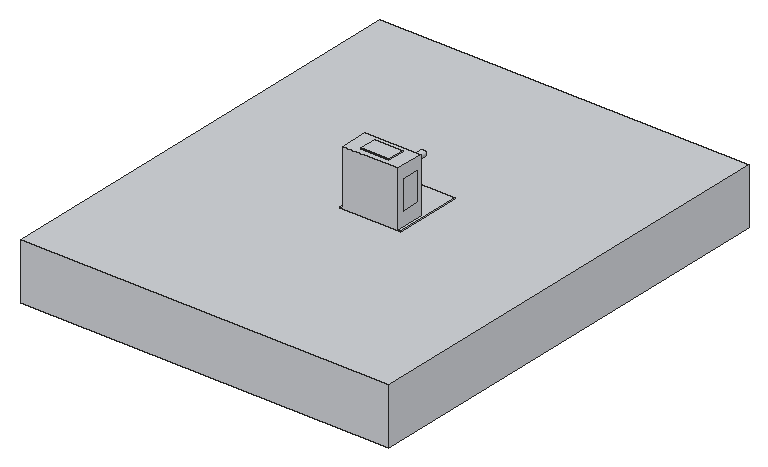
Revit family "M_Bebedouro - Retangular - Montado na parede", category Peças hidrossanitárias, Revit 2019
Family settings
  Hospedeiro = Face
  Cota do conector redondo = Usar raio
  Tipo de parte = Normal
  Número OmniClass = 23.65.70.14.11
  Título OmniClass = Drinking Fountains/Coolers
  ID de item do Seek = Drinking Fountain - Rectangular - Wall Mounted-0000-CAN-ENU
  Corte com vazios quando carregada = Não
  Compartilhado = Não
  Ponto de cálculo do ambiente = Não
Parameters (values of type "Padrão")
  Largura 1 = (Largura da fonte + 30 mm) / 2  # 165 mm
  Largura da fonte = 300 mm
  WFU = 0.5
  Espessura = 150 mm
  Material da pia = none
  Comprimento da fonte = 300 mm
  Largura da meia fonte = Largura da fonte / 2  # 150 mm
  HWFU = 0
  Pressão do fluxo [instance] = 55158.0 Pa
  Material da torneira = none
  Raio do sanitário = 16 mm
  Diâmetro do sanitário = Raio do sanitário * 2  # 32 mm
  Elevação-padrão = 915 mm
  Raio da água gelada = 5 mm
  Diâmetro da água gelada = Raio da água gelada * 2  # 10 mm
  CWFU = 0.25
  Material do botão = none
Reference planes
  plane 1 "Centro (Frente/Trás)": y = 0
  plane 2 "Centro (Elevação)": z = 0
  plane 3 "Centro (Esquerda/Direita)": x = 0
  plane 4 "Inferior da parede": y = -152.4
  plane 5 "Parte superior da parede": y = 213.519
  plane 6 "Frente da fonte": z = 303.175
  plane 7: z = 278.569
  plane 8: z = 22.176
  plane 9: z = 254.756
  plane 10: y = -61.119
  plane 11: x = 130.973
  plane 12: z = 63.451
  plane 13 "Centro": z = 278.966
  plane 14: y = 48.419
  plane 15: y = -30.163
  plane 16: y = -122.238
  plane 17: x = -76.2
  plane 18: x = 76.2
  plane 19: z = 309.525
  plane 20: z = 238.125
  plane 21: z = 85.725
  plane 22: x = -150
  plane 23: x = 150
  plane 24: x = -165
  plane 25: x = 165
  plane 26: x = -156.35
  plane 27: x = 156.35
  plane 28: x = 125.394
  plane 29: x = -125.394
  plane 30: y = -91.281
  plane 31: x = 101.581
  plane 32: z = 3.175
  plane 33: x = 125.791
  plane 34: x = -84.119
  plane 35: y = -127
  plane 36: x = -101.6
  plane 37: x = 101.6
Forms (mm)
  Extrusion 1, solid
    sketch origin (0, 0, 0) x (1, 0, 0) y (0, 1, 0)
      loop
        line (-1047.527, 1219.2) -> (-1047.527, -1219.2) -> (954.718, -1219.2) -> (954.718, 1219.2) -> (-1047.527, 1219.2)
    from 0 to -304.8
  Extrusion 2, solid, material <- "Material da pia"
    sketch origin (0, 0, 0) x (1, 0, 0) y (0, 1, 0)
      loop
        line (-165, 213.519) -> (-165, -152.4) -> (165, -152.4) -> (165, 213.519) -> (-165, 213.519)
    from 3.175 to 0
  Extrusion 3, solid, material <- "Material da pia"
    sketch origin (0, 0, 0) x (1, 0, 0) y (0, 0, 1)
      loop
        line (150, 303.175) -> (-150, 303.175) -> (-150, 3.175) -> (150, 3.175) -> (150, 303.175)
      loop
        line (101.581, 278.569) -> (-125.394, 278.569) -> (-125.394, 22.176) -> (125.394, 22.176) -> (125.394, 254.756) -> (101.581, 254.756) -> (101.581, 278.569)
    from 0 to 152.4
  Extrusion 4, solid, material <- "Material da pia"
    sketch origin (0, 0, 0) x (0, 1, 0) y (0, 0, 1)
      loop
        line (-91.281, 278.569) -> (-152.4, 278.569) -> (-152.4, 22.176) -> (-91.281, 22.176) -> (-91.281, 278.569)
    from -125.394 to 125.394
  Extrusion 5, solid, material <- "Material da torneira", detail levels fine
    sketch origin (0, 0, 0) x (1, 0, 0) y (0, 0, 1)
      loop
        arc (137.016, 267.74) -> (137.016, 290.191) -> (114.565, 290.191) r 15.875
        line (114.565, 290.191) -> (137.016, 267.74)
    from -48.419 to 0
  Extrusion 6, solid, material <- "Material do botão", detail levels fine
    sketch origin (0, 0, 303.175) x (0, 1, 0) y (-1, 0, 0)
      loop
        line (-30.163, 76.2) -> (-122.238, 76.2) -> (-122.238, -76.2) -> (-30.163, -76.2) -> (-30.163, 76.2)
    from 0 to 6.35
  Extrusion 7, solid, material <- "Material do botão", detail levels fine
    sketch origin (0, 0, 0) x (0, 1, 0) y (0, 0, 1)
      loop
        line (-30.163, 85.725) -> (-30.163, 238.125) -> (-122.238, 238.125) -> (-122.238, 85.725) -> (-30.163, 85.725)
    from -150 to -156.35
  Extrusion 8, solid, material <- "Material do botão", detail levels fine
    sketch origin (11.41, 0, 0) x (1, 0, 0) y (0, 0, 1)
      loop
        line (144.94, 85.725) -> (144.94, 238.125) -> (138.59, 238.125) -> (138.59, 85.725) -> (144.94, 85.725)
    from 30.162 to 122.238
  Extrusion 9, solid, material <- "Material da pia"
    sketch origin (0, 0, 303.175) x (0, 1, 0) y (-1, 0, 0)
      loop
        circle (-127, 101.6) r 1.27
      loop
        circle (-91.281, -101.6) r 1.27
    from -303.175 to -300
  Extrusion 10, solid, material <- "Material da pia"
    sketch origin (0, 0, 0) x (1, 0, 0) y (0, 0, 1)
      loop
        circle (-84.119, 63.451) r 12.7
    from 91.281 to 127
Cuts and joins
  joined: Extrusion 2, Extrusion 3, Extrusion 4, Extrusion 9
  joined: Extrusion 6, Extrusion 7, Extrusion 8
Dimensions and locks
  locked: plane 4 "Inferior da parede" to plane 1 "Centro (Frente/Trás)" at 152.4
  locked: plane 5 "Parte superior da parede" to plane 1 "Centro (Frente/Trás)" at 213.519
  locked: plane 7 to plane 6 "Frente da fonte" at 24.606
  locked: plane 9 to plane 6 "Frente da fonte" at 48.419
  locked: plane 1 "Centro (Frente/Trás)" to plane 10 at 61.119
  equal spacing: plane 9, plane 13 "Centro", plane 6 "Frente da fonte"
  locked: plane 14 to plane 1 "Centro (Frente/Trás)" at 48.419
  locked: plane 15 to plane 1 "Centro (Frente/Trás)" at 30.163
  plane 16 to plane 4 "Inferior da parede" = 30.162 mm
  equal spacing: plane 17, plane 3 "Centro (Esquerda/Direita)", plane 18
  locked: plane 17 to plane 3 "Centro (Esquerda/Direita)" at 76.2
  locked: plane 26 to plane 22 at 6.35
  equal spacing: plane 22, plane 3 "Centro (Esquerda/Direita)", plane 23
  "Largura da fonte": plane 22 to plane 23
  "Largura 1": plane 24 to plane 3 "Centro (Esquerda/Direita)"
  "Largura 1": plane 3 "Centro (Esquerda/Direita)" to plane 25
  locked: plane 23 to plane 27 at 6.35
  locked: plane 23 to plane 28 at 24.606
  locked: plane 29 to plane 22 at 24.606
  locked: plane 30 to plane 4 "Inferior da parede" at 61.119
  locked: plane 23 to plane 31 at 48.419
  locked: plane 6 "Frente da fonte" to plane 19 at 6.35
  locked: plane 2 "Centro (Elevação)" to plane 32 at 3.175
  "Comprimento da fonte": plane 32 to plane 6 "Frente da fonte"
  locked: plane 21 to plane 32 at 82.55
  locked: plane 20 to plane 21 at 152.4
  equal spacing: plane 23, plane 33, plane 31
  locked: plane 12 to plane 8 at 41.275
  plane 34 to plane 29 = 41.275 mm
  plane 35 to plane 4 "Inferior da parede" = 25.4 mm
  locked: plane 36 to plane 3 "Centro (Esquerda/Direita)" at 101.6
  locked: plane 3 "Centro (Esquerda/Direita)" to plane 37 at 101.6
  radius of Extrusion 5 sketch curve = 15.875 mm
  aligned and locked: plane 2 "Centro (Elevação)" to Extrusion 1
  aligned and locked: Extrusion 2 sketch curve to plane 5 "Parte superior da parede"
  aligned and locked: plane 4 "Inferior da parede" to Extrusion 2 sketch curve
  aligned and locked: Extrusion 2 to level
  aligned and locked: Extrusion 3 to plane 1 "Centro (Frente/Trás)"
  aligned and locked: Extrusion 3 to plane 4 "Inferior da parede"
  aligned and locked: plane 6 "Frente da fonte" to Extrusion 3
  aligned and locked: Extrusion 3 to plane 7
  aligned and locked: Extrusion 3 to plane 9
  aligned and locked: plane 8 to Extrusion 3
  aligned and locked: plane 4 "Inferior da parede" to Extrusion 4 sketch curve
  aligned and locked: Extrusion 5 to plane 14
  aligned and locked: plane 1 "Centro (Frente/Trás)" to Extrusion 5
  aligned and locked: plane 17 to Extrusion 6 sketch curve
  aligned and locked: Extrusion 6 sketch curve to plane 15
  aligned and locked: plane 16 to Extrusion 6 sketch curve
  aligned and locked: Extrusion 6 sketch curve to plane 18
  aligned and locked: plane 19 to Extrusion 6
  aligned and locked: Extrusion 6 to plane 6 "Frente da fonte"
  aligned and locked: Extrusion 6 to plane 16
  aligned and locked: plane 15 to Extrusion 6
  aligned and locked: plane 15 to Extrusion 7 sketch curve
  aligned and locked: plane 16 to Extrusion 7 sketch curve
  aligned and locked: plane 20 to Extrusion 7 sketch curve
  aligned and locked: plane 20 to Extrusion 8 sketch curve
  aligned and locked: plane 15 to Extrusion 8
  aligned and locked: Extrusion 8 to plane 16
  aligned and locked: Extrusion 8 to plane 20
  aligned and locked: Extrusion 7 to plane 20
  aligned and locked: plane 18 to Extrusion 6
  aligned and locked: Extrusion 8 to plane 23
  aligned and locked: Extrusion 3 sketch curve to plane 23
  aligned and locked: plane 22 to Extrusion 3 sketch curve
  aligned and locked: plane 7 to Extrusion 3 sketch curve
  aligned and locked: Extrusion 3 sketch curve to plane 8
  aligned and locked: Extrusion 8 to plane 27
  aligned and locked: plane 28 to Extrusion 3 sketch curve
  aligned and locked: Extrusion 3 sketch curve to plane 29
  aligned and locked: Extrusion 7 to plane 26
  aligned and locked: plane 31 to Extrusion 3 sketch curve
  aligned and locked: plane 9 to Extrusion 3 sketch curve
  aligned and locked: plane 32 to Extrusion 3 sketch curve
  aligned and locked: Extrusion 2 to Extrusion 3
  aligned and locked: Extrusion 7 to plane 21
  aligned and locked: Extrusion 8 to plane 21
  aligned and locked: Extrusion 4 to plane 8
  aligned and locked: Extrusion 4 to Extrusion 3
  aligned and locked: Extrusion 4 to cut or joined group of Extrusion 2, Extrusion 3, Extrusion 4, Extrusion 9
  aligned and locked: Extrusion 7 to cut or joined group of Extrusion 2, Extrusion 3, Extrusion 4, Extrusion 9
  aligned and locked: plane 33 to Extrusion 5 sketch curve
  aligned and locked: plane 13 "Centro" to Extrusion 5 sketch curve
  aligned and locked: cut or joined group of Extrusion 2, Extrusion 3, Extrusion 4, Extrusion 9 to plane 22
  aligned and locked: cut or joined group of Extrusion 2, Extrusion 3, Extrusion 4, Extrusion 9 to plane 7
  aligned and locked: cut or joined group of Extrusion 2, Extrusion 3, Extrusion 4, Extrusion 9 to plane 31
  aligned and locked: cut or joined group of Extrusion 2, Extrusion 3, Extrusion 4, Extrusion 9 to plane 9
  aligned and locked: cut or joined group of Extrusion 2, Extrusion 3, Extrusion 4, Extrusion 9 to plane 28
  aligned and locked: plane 8 to cut or joined group of Extrusion 2, Extrusion 3, Extrusion 4, Extrusion 9
  aligned and locked: plane 29 to cut or joined group of Extrusion 2, Extrusion 3, Extrusion 4, Extrusion 9
  aligned and locked: plane 37 to Extrusion 9 sketch curve
  aligned and locked: Extrusion 9 to level
  aligned and locked: cut or joined group of Extrusion 2, Extrusion 3, Extrusion 4, Extrusion 9 to Extrusion 9
  aligned and locked: plane 35 to Extrusion 9 sketch curve
  aligned and locked: plane 30 to Extrusion 9 sketch curve
  aligned and locked: plane 36 to Extrusion 9 sketch curve
  aligned and locked: plane 34 to Extrusion 10 sketch curve
  aligned and locked: plane 12 to Extrusion 10 sketch curve
  aligned and locked: cut or joined group of Extrusion 2, Extrusion 3, Extrusion 4, Extrusion 9 to Extrusion 10
  aligned and locked: Extrusion 10 to plane 35
Automatic sketch dimensions
  Extrusion 2 sketch curve to plane 24 = 0 mm
  Extrusion 2 sketch curve to plane 25 = 0 mm
  Extrusion 8 sketch curve to Extrusion 8 sketch curve = 6.35 mm
  Extrusion 4 sketch curve to plane 6 "Frente da fonte" = 24.606 mm
  Extrusion 8 sketch curve to plane 23 = 0 mm
  Extrusion 3 sketch curve to plane 6 "Frente da fonte" = 0 mm
  plane 32 to Extrusion 4 sketch curve = 19.001 mm
  Extrusion 4 sketch curve to plane 30 = 0 mm
  Extrusion 7 sketch curve to plane 19 = 223.8 mm
  Extrusion 8 sketch curve to plane 19 = 223.8 mm
  Extrusion 5 sketch curve to plane 7 = 10.828 mm
  Extrusion 5 sketch curve to Extrusion 5 sketch curve = 11.225 mm
  Extrusion 1 sketch curve to Extrusion 1 sketch curve = 2002.245 mm
  Extrusion 1 sketch curve to Extrusion 1 sketch curve = 2438.4 mm
  radius of Extrusion 9 sketch curve = 1.27 mm  (x2)
  radius of Extrusion 10 sketch curve = 12.7 mm
Connectors
  piping at (101.6, -91.281, 0), diameter 10, driven by "Raio da água gelada", driven by "CWFU", driven by "Pressão do fluxo"
    settings: on Extrusion 9, index 1, connector inside diameter 10 mm, connector length 0 mm, flow factor 0, pipe flow 0.0 L/s, pressure drop 55158.0 Pa, fitting loss kfactor 0, connector angle 0.00°, fixture units 0.25, engagement length 0 mm, angle of deflection 0.00°, flow configuration 3, flow direction 1, fitting loss method 4, system type 20, joint type 0, gender type 0, connector reference index -1, connector utility 0, adjustable connector no, is connector primary yes, connector description "In"
  piping at (-101.6, -127, 0), diameter 32, driven by "WFU", driven by "Raio do sanitário"
    settings: on Extrusion 9, index 2, connector inside diameter 32 mm, connector length 0 mm, flow factor 0, pipe flow 0.0 L/s, pressure drop 0.0 Pa, fitting loss kfactor 0, connector angle 0.00°, fixture units 0.5, engagement length 0 mm, angle of deflection 0.00°, flow configuration 3, flow direction 2, fitting loss method 0, system type 16, joint type 0, gender type 0, connector reference index -1, connector utility 0, adjustable connector no, is connector primary no, connector description "Saída"
